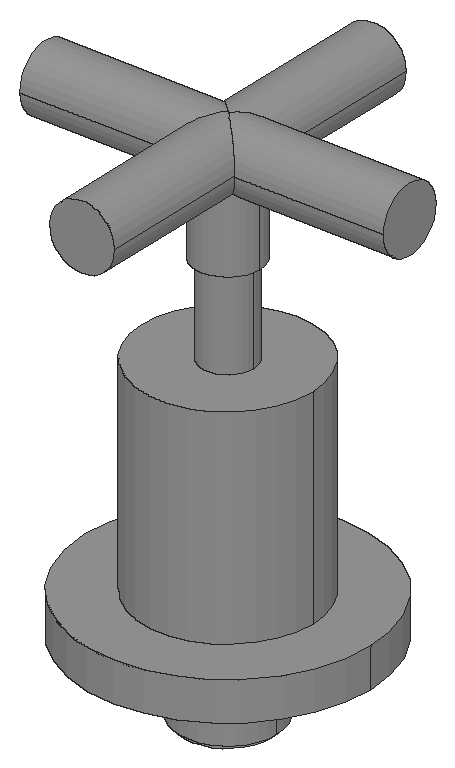
Revit family "Alma-BCROSHGD-Cora Cross Tap Handle-Brass Gold", category Plumbing Fixtures, host Face, Revit 2022
Family settings
  Host = Face
  Round Connector Dimension = Use Diameter
  Part Type = Normal
  Cut with Voids When Loaded = No
  Maintain Annotation Orientation = No
  Shared = No
  Room Calculation Point = No
Parameters (values of type "Cora Brass Gold")
  URL = "https://www.buildmat.com.au/products/cora-mixer"
  Model = "BCROSHGD"  # constant formula
  Material = Alma Brass Gold
  Manufacturer = "BUILDMAT"  # constant formula
  Description = "Cora Cross Tap Handle"  # constant formula
  Default Elevation = 1219.2 mm
  Created = "22.12.2023"  # constant formula
  Cost = 0
  Brand = "Alma"  # constant formula
Reference planes
  plane 1 "Center (Elevation)": y = 0
  plane 2 "Back": z = 0
  plane 3 "Centro (Izquierda/Derecha)": x = 0
  plane 4 "Left": x = -27.5
  plane 5 "Right": x = 27.5
  plane 6 "Top": y = 27.5
  plane 7 "Bottom": y = -27.5
  plane 8: x = -35
  plane 9: x = 35
  plane 10: y = 35
  plane 11: y = -35
  plane 12 "Front": z = 90
  plane 13: z = 7.5
  plane 14: z = 47.5
  plane 15: z = 83.75
  plane 16: z = 65
  plane 17: z = -5.5
  plane 18: z = -14
  plane 19: z = -15
Forms (mm)
  Extrusion 1, solid, material "Alma Brass Gold" <- "Material"
    sketch origin (0, 0, 0) x (0, 1, 0) y (0, 0, 1)
      loop
        circle (0, 83.75) r 6.25
    from -35 to 35
  Extrusion 2, solid, material "Alma Brass Gold" <- "Material"
    sketch origin (0, 0, 0) x (1, 0, 0) y (0, 0, 1)
      loop
        circle (0, 83.75) r 6.25
    from -35 to 35
  Extrusion 3, solid, material "Alma Brass Gold" <- "Material"
    sketch origin (0, 0, 90) x (1, 0, 0) y (0, 1, 0)
      loop
        circle (0, 0) r 6.25
    from -6.25 to -25
  Extrusion 4, solid, material "Alma Brass Gold" <- "Material"
    sketch origin (0, 0, 90) x (1, 0, 0) y (0, 1, 0)
      loop
        circle (-0.015, -0.013) r 5
    from -25 to -42.5
  Extrusion 5, solid, material "Alma Brass Gold" <- "Material"
    sketch origin (0, 0, 0) x (1, 0, 0) y (0, 1, 0)
      loop
        circle (-0.015, -0.013) r 16.5
    from 7.5 to 47.5
  Extrusion 6, solid, material "Alma Brass Gold" <- "Material"
    sketch origin (0, 0, 0) x (1, 0, 0) y (0, 1, 0)
      loop
        circle (-0.013, 0.015) r 27.487
    from 0 to 7.5
  Extrusion 7, solid, material "Alma Brass Gold" <- "Material"
    sketch origin (0, 0, 0) x (1, 0, 0) y (0, 1, 0)
      loop
        circle (-0.015, -0.013) r 8.5
    from 0 to -15
  Extrusion 8, solid, material "Alma Brass Gold" <- "Material"
    sketch origin (0, 0, 0) x (1, 0, 0) y (0, 1, 0)
      loop
        circle (0.013, -0.015) r 9.5
    from -5.5 to -14
  Extrusion 9, void
    sketch origin (0, 0, 0) x (1, 0, 0) y (0, 1, 0)
      loop
        circle (0.013, -0.015) r 10
    from 0 to -20
Cuts and joins
  Extrusion 9 cuts Extrusion 3
  joined: Extrusion 1, Extrusion 2, Extrusion 3, Extrusion 4, Extrusion 5, Extrusion 6, Extrusion 7, Extrusion 8
Text (mm)
  text "Refer to www.buildmat.com.au for the most current product literature. \nAllow a +/- 5mm tolerance for dimensions shown in the product literature. \nPlease note product details are subject to change due to ongoing product development." at (0.056, -1035.857, 0), in view "Nivel de referencia"
Dimensions and locks
  equal spacing: plane 6 "Top", plane 1 "Center (Elevation)", plane 7 "Bottom"
  plane 6 "Top" to plane 7 "Bottom" = 55 mm
  equal spacing: plane 4 "Left", plane 3 "Centro (Izquierda/Derecha)", plane 5 "Right"
  plane 4 "Left" to plane 5 "Right" = 55 mm
  plane 8 to plane 9 = 70 mm
  equal spacing: plane 8, plane 3 "Centro (Izquierda/Derecha)", plane 9
  equal spacing: plane 10, plane 1 "Center (Elevation)", plane 11
  plane 10 to plane 11 = 70 mm
  plane 2 "Back" to plane 12 "Front" = 90 mm
  plane 2 "Back" to plane 13 = 7.5 mm
  plane 2 "Back" to plane 14 = 47.5 mm
  plane 15 to plane 12 "Front" = 6.25 mm
  plane 16 to plane 12 "Front" = 25 mm
  plane 19 to plane 2 "Back" = 15 mm
  plane 2 "Back" to plane 17 to plane 18 = 5.5 mm, 8.5 mm
  aligned and locked: plane 2 "Back" to host face
  aligned and locked: level to host face
  aligned and locked: Extrusion 1 to plane 8
  aligned and locked: plane 9 to Extrusion 1
  aligned and locked: plane 10 to Extrusion 2
  aligned and locked: Extrusion 2 to plane 11
  aligned and locked: plane 16 to Extrusion 3
  aligned and locked: Extrusion 3 to plane 15
  aligned and locked: plane 16 to Extrusion 4
  aligned and locked: plane 14 to Extrusion 4
  aligned and locked: plane 13 to Extrusion 5
  aligned and locked: Extrusion 5 to plane 14
  aligned and locked: Extrusion 6 to plane 2 "Back"
  aligned and locked: Extrusion 6 to plane 13
  aligned and locked: plane 19 to Extrusion 7
  aligned and locked: plane 2 "Back" to Extrusion 7
  aligned and locked: plane 18 to Extrusion 8
  aligned and locked: Extrusion 8 to plane 17
  aligned and locked: plane 2 "Back" to Extrusion 9
Automatic sketch dimensions
  host sketch curve to host sketch curve = 2438.4 mm  (x2)
  Extrusion 1 sketch curve to plane 1 "Center (Elevation)" = 0 mm
  plane 12 "Front" to Extrusion 1 sketch curve = 6.25 mm
  Extrusion 2 sketch curve to plane 3 "Centro (Izquierda/Derecha)" = 0 mm
  plane 12 "Front" to Extrusion 2 sketch curve = 6.25 mm
  plane 1 "Center (Elevation)" to Extrusion 3 sketch curve = 0 mm
  Extrusion 3 sketch curve to plane 3 "Centro (Izquierda/Derecha)" = 0 mm
  Extrusion 4 sketch curve to plane 3 "Centro (Izquierda/Derecha)" = 0.015 mm
  plane 1 "Center (Elevation)" to Extrusion 4 sketch curve = 0.013 mm
  Extrusion 5 sketch curve to plane 3 "Centro (Izquierda/Derecha)" = 0.015 mm
  plane 1 "Center (Elevation)" to Extrusion 5 sketch curve = 0.013 mm
  Extrusion 6 sketch curve to plane 3 "Centro (Izquierda/Derecha)" = 0.013 mm
  Extrusion 6 sketch curve to plane 1 "Center (Elevation)" = 0.015 mm
  Extrusion 7 sketch curve to plane 3 "Centro (Izquierda/Derecha)" = 0.015 mm
  plane 1 "Center (Elevation)" to Extrusion 7 sketch curve = 0.013 mm
  plane 3 "Centro (Izquierda/Derecha)" to Extrusion 8 sketch curve = 0.013 mm
  plane 1 "Center (Elevation)" to Extrusion 8 sketch curve = 0.015 mm
  plane 3 "Centro (Izquierda/Derecha)" to Extrusion 9 sketch curve = 0.013 mm
  plane 1 "Center (Elevation)" to Extrusion 9 sketch curve = 0.015 mm
  radius of Extrusion 1 sketch curve = 6.25 mm
  radius of Extrusion 2 sketch curve = 6.25 mm
  radius of Extrusion 3 sketch curve = 6.25 mm
  radius of Extrusion 4 sketch curve = 5 mm
  radius of Extrusion 5 sketch curve = 16.5 mm
  radius of Extrusion 6 sketch curve = 27.487 mm
  radius of Extrusion 7 sketch curve = 8.5 mm
  radius of Extrusion 8 sketch curve = 9.5 mm
  radius of Extrusion 9 sketch curve = 10 mm
